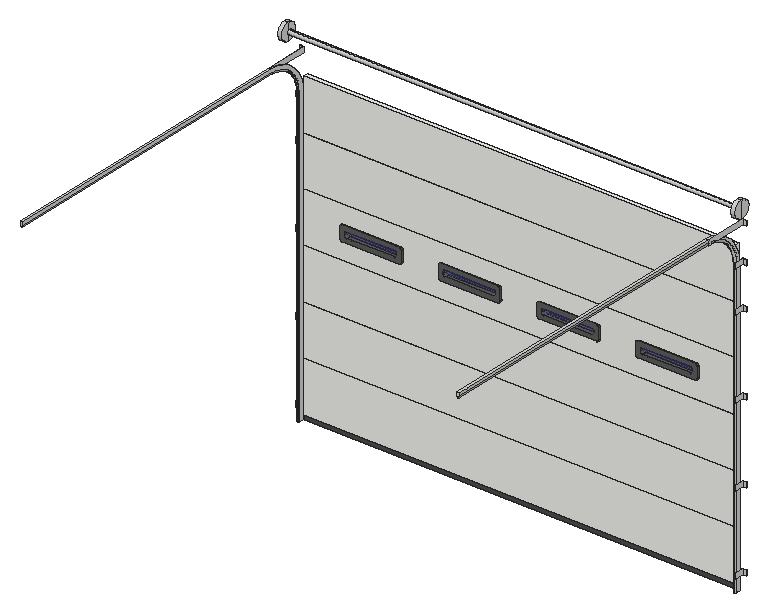
Revit family "Overhead-Sect_HAAS_Res_700", category Doors, host Wall, Revit 2026
Family settings
  Host = Wall
  Classification Number = 23.30.10.17.37.14
  Always vertical = Yes
  Cut with Voids When Loaded = No
  Shared = No
  Room Calculation Point = No
Parameters
  rearspring = no
  Warranty Duration (Years) = 0
  Viewport Frame Finish [instance] = Finish - Trim - HAAS - Black
  Unit Width [instance] = if(Wood Jamb, Opening Width, Opening Width + 0' 2")  # 14' - 0"
  Wood Jamb [instance] = yes
  URL = "http://www.haasdoor.com/about/index.html"
  U Value = 0
  Type Comments = ""
  Track_High Lift_CHECK WITH HAAS FOR VALUE [instance] = 0' - 7"
  Track [instance] = Steel
  Thickness = 0' - 0"  # constant formula
  Test Data = ""
  Steel Jamb [instance] = not(Wood Jamb)  # no
  Standards Conformance = "as Specified"
  Specification = ""
  SpecWizard = ""
  Send Message = ""
  Sales Information = "http://www.haasdoor.com/locator/index.php"
  Rough Width = 0' - 0"  # constant formula
  Rough Height = 0' - 0"  # constant formula
  Roof Incline Default = 0.00°
  Revision = "R1_2015-11"
  Recycled Content [instance] = "as Specified"
  R-Value = 13.45
  Product Properties = ""
  Product Data = "http://www.arcat.com/arcatcos/cos32/arc32915.html"
  Panel Width [instance] = 14' - 0"
  Panel Thickness = 0' - 1 3/4"
  Panel Material_Interior [instance] = Metal - Steel - HAAS - Polar White V-Groove
  Panel Material_Inset Panel [instance] = Metal - Steel - HAAS - Polar White
  Panel Material_Exterior [instance] = Metal - Steel - HAAS - Polar White
  Panel Height [instance] = if(1 = 1, Opening Height, 0' 0")  # 10' - 0"
  Overhead Sectional Style [instance] = Door_Overhead-Sectional-Panel_Haas_No-Inset-Panels : Design B
  Operation = "Overhead Sectional"
  Opening Width [instance] = 14' - 0"
  Opening Height [instance] = 10' - 0"
  Track Type [instance] = Tracks_Standard-Lift : Tracks_Standard-Lift
  Model = ""
  Max Width = 0' - 0"
  Max Height = 0' - 0"
  Manufacturer Website = "http://www.haasdoor.com/about/index.html"
  Manufacturer Phone - Toll Free = ""
  Manufacturer Phone = "419-337-9900"
  Manufacturer Fax = "800-874-4227"
  Manufacturer Address = "320 Sycamore Rd. Wauseon, OH 43567"
  Manufacturer = "Haas Door Co."
  Maintenance Schedule (Months) = 0
  Keynote = "08360"
  Interior Skin = "as Specified"
  Installation-Fabrication = ""
  Installation Phase = ""
  Green Building-LEED = ""
  Viewport Glazing [instance] = Glass
  Function = 1
  Height = 0' - 0"  # constant formula
  Wall Closure = (empty or 0)
  Width = 0' - 0"  # constant formula
  Fire Rating = ""
  Exterior Skin = "as Specified"
  Expected Lifespan (Years) = 0
  End Stile Type = "as Specified"
  Drawn By = "Sumex Design, Inc."
  Description = "Haas Residential Overhead Sectional Door - 700 Series"
  Cost = 0
  Copyright = "©Arcat Inc."  # constant formula
  Construction Type = ""
  Construction Details = ""
  Building Codes = ""
  Bottom Seal Color [instance] = Finish - Weather Seal - HAAS - Black
  Assembly Code = "B2030410"
  AAMA Designation = "as Specified"
  3in Track [instance] = not([2in Track])  # no
  2in Track [instance] = yes
Reference planes (in)
  plane 1 "Center (Front/Back)": y = 0
  plane 2 "Center (Left/Right)": x = 0
  plane 3 "Left": x = -84
  plane 4 "Right": x = 84
  plane 5 "Top": z = 120
  plane 6 "Exterior": y = 3
  plane 7 "Interior": y = -3
  plane 8: z = 2
  plane 9 "Back of Panel": y = -4.75
  plane 10: y = -3.875
  plane 11 "Track": y = -4.625
Lines and regions (in)
  Opening 1
    outline origin (-90, -3, 0) x (1, 0, 0) y (0, 0, 1)
      loop
        line (6, 0) -> (174, 0) -> (174, 120) -> (6, 120) -> (6, 0)
Text (in)
  text "Exterior" at (-74.96733, 27.31104, 0), in view "Ref. Level"
  text "Interior" at (-74.96733, -25.14366, 0), in view "Ref. Level"
  text "Exterior" at (0, 40.15149, 123.01588), in view "Right"
  text "Interior" at (0, -64.39139, 123.01588), in view "Right"
  text "Interior" at (0, -31.01599, 123.00693), in view "Left"
  text "Exterior" at (0, 54.57065, 123.00693), in view "Left"
Dimensions and locks (in)
  equal spacing: plane 3 "Left", plane 2 "Center (Left/Right)", plane 4 "Right"
  "Opening Height": level to plane 5 "Top"
  "Opening Width": plane 3 "Left" to plane 4 "Right"
  plane 8 to level = 0' - 2"
  plane 3 "Left" to plane 4 "Right" = 14' - 0"
  "Panel Thickness": plane 9 "Back of Panel" to plane 7 "Interior"
  equal spacing: plane 9 "Back of Panel", plane 10, plane 7 "Interior"
  locked: plane 11 "Track" to plane 7 "Interior" at 1.625
  aligned and locked: plane 3 "Left" to Opening 1 sketch curve
  aligned and locked: plane 5 "Top" to Opening 1 sketch curve
  aligned and locked: Opening 1 sketch curve to plane 5 "Top"
  aligned and locked: Opening 1 sketch curve to plane 4 "Right"
  aligned and locked: Opening 1 sketch curve to level
  aligned and locked: plane 6 "Exterior" to host wall
  aligned and locked: plane 7 "Interior" to host wall
  aligned and locked: nested 1 to plane 2 "Center (Left/Right)"
  aligned and locked: level to nested 1
  aligned and locked: nested 1 to plane 11 "Track"
  aligned and locked: nested 2 to plane 2 "Center (Left/Right)"
  aligned and locked: plane 10 to nested 2
Nested families (in)
  nested 1: "Tracks_Standard-Lift" at (0, -5.625, 0), Unit Width <- "Unit Width", Opening Height <- "Opening Height", Track <- "Track", Wood Jamb <- "Wood Jamb", 2in Track <- "2in Track", type <- "Track Type", High Lift Height <- "Track_High Lift_CHECK WITH HAAS FOR VALUE", Door Height <- "Panel Height", Rear Mount Spring <- "rearspring", Roof Incline <- "Roof Incline Default", type "Tracks_Standard-Lift"
    with trackradinsetv 0' - 0", trackradinseth 0' - 0", sideroomint 0' - 1 5/8", roofpitchheight 0' - 0", offsettrackradv 1' - 2.73821", offsettrackradh 1' - 2.99772", offset 0' - 0", highliftcalc 0' - 8", breakoutrun 1, breakoutrise 12, breakawaylength 0' - 0", breakaway angle 1.00°, Wood Jamb yes, Unit Width 14' - 0", Unit Depth 0' - 2", Track Radius 1' - 3", Track Offset from Door Edge 0' - 0 1/2", Track Steel, Steel Jamb no, Standard Spring Location yes, Sideroom_Spring 0' - 3", Sideroom_Jambs 0' - 3", Roof Incline 0.00°, Rear Mount Spring no, Opening Width 14' - 0", Opening Height 10' - 0", High Lift Height 0' - 7", Headroom Clearance 1' - 7", Door Height 10' - 0", Breakaway Start 0' - 8", Back Depth 11' - 6", 3in Track no, 2in Track yes, 1 in 12 Breakout yes, 1 5 in 12 Breakout no
  nested 2: "Door_Overhead-Sectional-Panel_Haas_No-Inset-Panels" at (0, -3.875, 0) x (-1, 0, 0) z (0, 0, 1), Viewport Finish <- "Viewport Frame Finish", Panel Material_Interior <- "Panel Material_Interior", Panel Material_Inset Panel <- "Panel Material_Inset Panel", Panel Material_Exterior <- "Panel Material_Exterior", Viewport Glazing <- "Viewport Glazing", Bottom Seal Color <- "Bottom Seal Color", Panel Width <- "Panel Width", Panel Thickness <- "Panel Thickness", Panel Height <- "Panel Height", type <- "Overhead Sectional Style", type "Design B"
    with Viewport Glazing Glass, Viewport Finish Finish - Trim - HAAS - Black, Unit Width 14' - 0", Unit Height 1' - 7.66667", Panel Width 14' - 0", Panel Thickness 0' - 1 3/4", Panel Material_Interior Metal - Steel - HAAS - Polar White V-Groove, Panel Material_Inset Panel Metal - Steel - HAAS - Polar White, Panel Material_Exterior Metal - Steel - HAAS - Polar White, Panel Height 10' - 0", Panel 9 Vis no, Panel 9 Control 0' - 0", Panel 8 Vis no, Panel 8 Control 0' - 0", Panel 7 Vis no, Panel 7 Control 0' - 0", Panel 6 Vis yes, Panel 6 Control 1' - 7.66667", Panel 5 Vis yes, Panel 5 Control 1' - 7.66667", Panel 4 Vis yes, Panel 4 Control 1' - 7.66667", Panel 3 Vis yes, Panel 3 Control 1' - 7.66667", Panel 2 Vis yes, Panel 2 Control 1' - 7.66667", Panel 10 Vis no, Panel 10 Control 0' - 0", Panel 1 Vis yes, Bottom Seal Color Finish - Weather Seal - HAAS - Black
Definition of nested family "Tracks_Standard-Lift"
  Parameters
    trackradinsetv [instance] = Track Radius - (Track Radius * cos(Roof Incline))  # 0' - 0"
    trackradinseth [instance] = Track Radius * sin(Roof Incline)  # 0' - 0"
    sideroomint [instance] = if(Steel Jamb, 0' 3", 0' 1 5/8")  # 0' - 1 5/8"
    roofpitchheight [instance] = (Back Depth) * tan(Roof Incline)  # 0' - 0"
    offsettrackradv [instance] = Track Radius - (Track Radius * sin(breakaway angle))  # 1' - 2.73821"
    offsettrackradh [instance] = Track Radius * cos(breakaway angle)  # 1' - 2.99772"
    offset [instance] = 0' - 0"  # constant formula
    breakoutrun [instance] = if([1 in 12 Breakout], 1, 1.5)  # 1
    breakoutrise [instance] = 12  # constant formula
    breakawaylength [instance] = (Breakaway Start + High Lift Height - Track Radius) / tan(90.00° - breakaway angle)  # 0' - 0.26183"
    breakaway angle [instance] = 1.00°  # constant formula
    Wood Jamb [instance] = yes
    Unit Width [instance] = 8' - 0"
    Unit Depth [instance] = if([2in Track], 0' 2", if([3in Track], 0' 3", 0' 2"))  # 0' - 3"
    URL = ""
    Track Radius [instance] = 1' - 3"
    Track [instance] = none
    Steel Jamb [instance] = not(Wood Jamb)  # no
    Standard Spring Location [instance] = yes
    Specification = ""
    SpecWizard = ""
    Track Offset from Door Edge [instance] = 0' - 0 1/2"
    Sideroom_Spring [instance] = 0' - 3"  # constant formula
    Sideroom_Jambs [instance] = 0' - 3"  # constant formula
    Sales Information = ""
    Roof Incline [instance] = 0.00°
    Revision = ""
    Rear Mount Spring [instance] = yes
    Product Properties = ""
    Product Data = ""
    Opening Width [instance] = if(Wood Jamb, Unit Width, Unit Width - 0' 1")  # 8' - 0"
    Opening Height [instance] = 8' - 0"
    Model = "As Specified"
    Manufacturer = ""
    Keynote = ""
    Installation-Fabrication = ""
    highliftcalc [instance] = if(Headroom Clearance < 5' 4 3/256", Headroom Clearance - 0' 11", if(and(Headroom Clearance > 5' 4", Headroom Clearance < 11' 1 3/256"), Headroom Clearance - 1' 1", if(and(Headroom Clearance > 11' 1", Headroom Clearance < 15' 0 3/256"), Headroom Clearance - 1' 5", 1' 0")))  # 1' - 11"
    High Lift Height [instance] = 1' - 10"
    Headroom Clearance [instance] = High Lift Height + 1' 0"  # 2' - 10"
    Green Building-LEED = ""
    Drawn By = "Sumex Design, Inc. / Robert S. Weygant, CSI, CDT, SCIP"
    Door Height [instance] = 8' - 0"
    Description = ""
    Default Elevation = 0' - 0"  # constant formula
    Copyright = "©Arcat Inc."
    Construction Details = ""
    Breakaway Start [instance] = if([1 in 12 Breakout], 0' 8", if([1 5 in 12 Breakout], 1' 2", 1' 0"))  # 0' - 8"
    Back Depth [instance] = Door Height + 1' 6"  # 9' - 6"
    Assembly Code = ""
    3in Track [instance] = not([2in Track])  # yes
    2in Track [instance] = no
    1 in 12 Breakout [instance] = yes
    1 5 in 12 Breakout [instance] = not([1 in 12 Breakout])  # no
  Reference planes (in)
    plane 1 "Center (Front/Back)": y = 0
    plane 2 "Bottom": z = 0
    plane 3 "Center (Left/Right)": x = 0
    plane 4 "Front": y = -1.5
    plane 5 "Back": y = 1.5
    plane 6 "Left": x = -48
    plane 7 "Right": x = 48
    plane 8 "Top": z = 121
    plane 9: z = 96
    plane 10: x = -48
    plane 11: x = 48
    plane 12: z = 130
    plane 13: y = -110.875
    plane 14: y = -13.49772
    plane 15: z = 106.26179
    plane 16 "Origin": y = 3.125
    plane 17: z = 74
    plane 18: z = 51.33333
    plane 19: z = 28.66667
    plane 20: z = 6
    plane 21: z = 97.13089
    plane 22: x = 51
    plane 23: x = -51
    plane 24 "Drum CL": y = -1.875
    plane 25: z = 106
    plane 26: z = 118
    plane 27: y = -13.49772
    plane 28: z = 121
    plane 29: x = -49.625
    plane 30: x = 49.625
  Forms (in)
    Extrusion 1, solid, material <- "Track", visible <- "Wood Jamb"
      sketch origin (0, 0, 0) x (1, 0, 0) y (0, 1, 0)
        loop
          line (-49.5, -13.49772) -> (-49.5, 3.125) -> (-51, 3.125) -> (-51, 3) -> (-49.625, 3) -> (-49.625, -13.49772) -> (-49.5, -13.49772)
        loop
          line (49.5, -13.49772) -> (49.625, -13.49772) -> (49.625, 3) -> (51, 3) -> (51, 3.125) -> (49.5, 3.125) -> (49.5, -13.49772)
      from 0 to 121
    Extrusion 2, void
      sketch origin (0, 0, 0) x (0, 1, 0) y (0, 0, 1)
        loop
          line (-1.5, 5) -> (-1.5, 7) -> (3.125, 7) -> (3.125, 27.66667) -> (-1.5, 27.66667) -> (-1.5, 29.66667) -> (3.125, 29.66667) -> (3.125, 50.33333) -> (-1.5, 50.33333) -> (-1.5, 52.33333) -> (3.125, 52.33333) -> (3.125, 73) -> (-1.5, 73) -> (-1.5, 75) -> (3.125, 75) -> (3.125, 105.26179) -> (-1.5, 105.26179) -> (-1.5, 107.26179) -> (3.125, 107.26179) -> (3.125, 119) -> (-13.49772, 119) -> (-13.49772, 0) -> (3.125, 0) -> (3.125, 5) -> (-1.5, 5)
      from -51 to 51
    Extrusion 3, solid, material <- "Track", visible <- "Steel Jamb"
      sketch origin (0, 0, 0) x (1, 0, 0) y (0, 1, 0)
        loop
          line (-51, 3.125) -> (-51, -13.49772) -> (-50.875, -13.49772) -> (-50.875, 3) -> (-48.375, 3) -> (-48.375, 3.125) -> (-51, 3.125)
        loop
          line (51, 3.125) -> (48.375, 3.125) -> (48.375, 3) -> (50.875, 3) -> (50.875, -13.49772) -> (51, -13.49772) -> (51, 3.125)
      from 0 to 121
    Revolve 4, solid, material <- "Track"
      sketch origin (0, -1.875, 0) x (0, 0, -1) y (1, 0, 0)
        loop
          line (-130, -53) -> (-126.75, -53) -> (-126.75, 53) -> (-130, 53) -> (-130, 51.5) -> (-127.5, 51.5) -> (-127.5, -51.5) -> (-130, -51.5) -> (-130, -53)
        axis (-126.75, 53) -> (-126.75, -53)
      angle from 0 to 360
    Sweep 5, solid, material <- "Track"
      path origin (0, 0, 0) x (0, 1, 0) y (0, 0, 1)
        loop
          line (1.5, 0) -> (1.5, 106.26179)
          arc (1.5, 106.26179) -> (-2.98408, 116.69876) -> (-13.49772, 121) r 15
          line (-13.49772, 121) -> (-110.875, 121)
      profile origin (0, -62.18636, 121) x (0, 0, -1) y (1, 0, 0)
        loop
          line (2.62111, -48.5) -> (0, -48.5) -> (0, -49.5) -> (2.25, -49.5)
          arc (2.25, -49.5) -> (2.68414, -49.38263) -> (3, -49.0625) r 0.86161
          line (3, -49.0625) -> (3, -48.71875) -> (2.62111, -48.5)
    Sweep 6, solid, material <- "Track"
      path origin (0, 0, 0) x (0, 1, 0) y (0, 0, 1)
        loop
          line (1.5, 0) -> (1.5, 106.26179)
          arc (1.5, 106.26179) -> (-2.98408, 116.69876) -> (-13.49772, 121) r 15
          line (-13.49772, 121) -> (-110.875, 121)
      profile origin (0, -62.18636, 121) x (0, 0, -1) y (1, 0, 0)
        loop
          line (0, 49.5) -> (0, 48.5) -> (2.62111, 48.5) -> (3, 48.71875) -> (3, 49.0625)
          arc (3, 49.0625) -> (2.68414, 49.38263) -> (2.25, 49.5) r 0.86161
          line (2.25, 49.5) -> (0, 49.5)
  Cuts and joins
    Extrusion 2 cuts Extrusion 1
    Extrusion 2 cuts Extrusion 3
  Lines and regions (in)
    reference lines
      curve 1: arc (0, 0.25, 112.00003) -> (0, -5.28189, 118.54991) -> (0, -13.49772, 121) r 15
      curve 2: line (0, -13.49772, 121) -> (0, -110.875, 121)
  Text (in)
    text "OPENING" at (0, 24.81124, 52.10269), in view "Right"
    text "STANDARD LIFT" at (0, 24.81124, 118.55424), in view "Right"
  Dimensions and locks (in)
    equal spacing: plane 6 "Left", plane 3 "Center (Left/Right)", plane 7 "Right"
    "Unit Width": plane 6 "Left" to plane 7 "Right"
    equal spacing: plane 5 "Back", plane 1 "Center (Front/Back)", plane 4 "Front"
    "Unit Depth": plane 5 "Back" to plane 4 "Front"
    equal spacing: plane 10, plane 3 "Center (Left/Right)", plane 11
    "Opening Width": plane 10 to plane 11
    "Headroom Clearance": plane 12 to plane 9
    "Back Depth": plane 13 to plane 16 "Origin"
    "offsettrackradv": plane 8 "Top" to plane 15
    locked: plane 16 "Origin" to plane 5 "Back" at 1.625
    "Sideroom_Jambs": Extrusion 1 sketch curve to plane 10
    "Sideroom_Jambs": plane 11 to Extrusion 1 sketch curve
    locked: plane 20 to level at 6
    equal spacing: plane 17, plane 18, plane 19, plane 20
    Extrusion 2 sketch curve to plane 20 to Extrusion 2 sketch curve = 0' - 1" locked, 0' - 1" locked
    Extrusion 2 sketch curve to plane 19 to Extrusion 2 sketch curve = 0' - 1" locked, 0' - 1" locked
    Extrusion 2 sketch curve to plane 18 to Extrusion 2 sketch curve = 0' - 1" locked, 0' - 1" locked
    Extrusion 2 sketch curve to plane 17 to Extrusion 2 sketch curve = 0' - 1" locked, 0' - 1" locked
    Extrusion 2 sketch curve to plane 15 to Extrusion 2 sketch curve = 0' - 1" locked, 0' - 1" locked
    "Sideroom_Spring": plane 23 to plane 10
    "Sideroom_Spring": plane 11 to plane 22
    locked: Extrusion 3 sketch curve to plane 10 at 0.375
    locked: plane 11 to Extrusion 3 sketch curve at 0.375
    locked: plane 24 "Drum CL" to plane 16 "Origin" at 5
    locked: Revolve 4 sketch curve to plane 10 at 5
    locked: plane 11 to Revolve 4 sketch curve at 5
    locked: Revolve 4 sketch curve to Revolve 4 sketch curve at 1.5  (x2)
    locked: Revolve 4 sketch curve to Revolve 4 sketch curve at 0.75
    locked: Revolve 4 sketch curve to Revolve 4 sketch curve at 3.25  (x2)
    locked: Extrusion 1 sketch curve to Extrusion 1 sketch curve at 0.125
    "Opening Height": plane 9 to level
    "Track Radius": plane 8 "Top" to plane 25
    "High Lift Height": plane 26 to plane 9
    "Unit Depth": plane 8 "Top" to plane 26
    "offsettrackradh": plane 14 to plane 5 "Back"
    "trackradinseth": plane 14 to plane 27
    "trackradinsetv": plane 8 "Top" to plane 28
    "Unit Depth": Sweep 5 sketch curve to Sweep 5 sketch curve
    locked: plane 8 "Top" to Extrusion 2 sketch curve at 2
    "Unit Depth": Sweep 6 sketch curve to Sweep 6 sketch curve
    Extrusion 1 sketch curve to Extrusion 1 sketch curve to plane 10 = 0' - 0 1/8" locked, 0' - 1 1/2" locked
    equal spacing: Sweep 5 sketch curve, Sweep 5 sketch curve, Sweep 5 sketch curve, Sweep 5 sketch curve, plane 10
    equal spacing: plane 11, Sweep 6 sketch curve, Sweep 6 sketch curve, Sweep 6 sketch curve, Sweep 6 sketch curve
    "sideroomint": plane 29 to plane 10
    plane 29 to Sweep 5 sketch curve to Sweep 5 sketch curve to Sweep 5 sketch curve to Sweep 5 sketch curve = 0' - 0 1/8" locked, 0' - 0 7/16" locked, 0' - 0 11/32" locked, 0' - 0 7/32" locked
    "Sideroom_Jambs": Extrusion 3 sketch curve to plane 10
    locked: Extrusion 3 sketch curve to Extrusion 3 sketch curve at 0.125  (x2)
    "Sideroom_Jambs": plane 11 to Extrusion 3 sketch curve
    locked: plane 11 to Extrusion 1 sketch curve at 1.5
    "sideroomint": plane 11 to plane 30
    Sweep 6 sketch curve to Sweep 6 sketch curve to Sweep 6 sketch curve to Sweep 6 sketch curve to plane 30 = 0' - 0 7/32" locked, 0' - 0 11/32" locked, 0' - 0 7/16" locked, 0' - 0 1/8" locked
    locked: Revolve 4 sketch curve to plane 26 at 8.75
    locked: plane 9 to plane 17 at 22
    "Track Radius": radius of curve 1
    "Track Radius": radius of Sweep 6 sketch curve
    "Roof Incline": angle curve 2 to plane 28
    "Roof Incline": angle Sweep 5 sketch curve to plane 28
    "Roof Incline": angle Sweep 6 sketch curve to plane 28
    aligned and locked: plane 14 to Extrusion 1 sketch curve
    aligned and locked: Extrusion 1 sketch curve to plane 14
    aligned and locked: Extrusion 2 sketch curve to plane 14
    aligned and locked: Extrusion 2 sketch curve to plane 16 "Origin"
    aligned and locked: plane 4 "Front" to Extrusion 2 sketch curve  (x4)
    aligned and locked: Extrusion 2 sketch curve to plane 4 "Front"
    aligned and locked: plane 23 to Extrusion 2
    aligned and locked: Extrusion 2 to plane 22
    aligned and locked: Extrusion 3 sketch curve to plane 14
    aligned and locked: plane 14 to Extrusion 3 sketch curve
    aligned and locked: Revolve 4 sketch curve to Revolve 4 sketch curve
    aligned and locked: plane 27 to curve 1
    aligned and locked: plane 25 to curve 1
    aligned and locked: plane 14 to curve 1
    aligned and locked: plane 13 to curve 2
    aligned and locked: Sweep 5 sketch curve to curve 1
    aligned and locked: plane 13 to Sweep 5 sketch curve
    aligned and locked: plane 27 to Sweep 5 sketch curve
    aligned and locked: plane 8 "Top" to Extrusion 3
    aligned and locked: plane 8 "Top" to Extrusion 1
    aligned and locked: plane 13 to Sweep 6 sketch curve
    aligned and locked: plane 15 to Sweep 5 sketch curve
    aligned and locked: plane 27 to Sweep 6 sketch curve
    aligned and locked: plane 28 to Sweep 6 sketch curve
    aligned and locked: plane 15 to Sweep 6 sketch curve
    aligned and locked: plane 5 "Back" to Sweep 6 sketch curve
  Automatic sketch dimensions
    Extrusion 1 sketch curve to plane 16 "Origin" = 0' - 0"  (x2)
    Extrusion 1 sketch curve to plane 16 "Origin" = 0' - 0 1/8"  (x2)
    Extrusion 3 sketch curve to plane 16 "Origin" = 0' - 0"  (x2)
    Extrusion 3 sketch curve to plane 16 "Origin" = 0' - 0 1/8"  (x2)
    Revolve 4 sketch curve to Revolve 4 sketch curve = 0' - 0"
    Revolve 4 sketch curve to Revolve 4 sketch curve = 0' - 3"
    Sweep 5 sketch curve to level = 0' - 0"
    Sweep 5 sketch curve to profile plane = 0' - 0"
    Sweep 5 sketch curve to Sweep 5 sketch curve = 0' - 0.37111"
    Sweep 5 sketch curve to Sweep 5 sketch curve = 0' - 0.13839"
    Sweep 6 sketch curve to profile plane = 0' - 0"
    Sweep 6 sketch curve to Sweep 6 sketch curve = 0' - 0.37111"
    Sweep 6 sketch curve to Sweep 6 sketch curve = 0' - 0.13839"
    curve 1 to plane 1 "Center (Front/Back)" = 0' - 0 1/4"
    Sweep 6 sketch curve to level = 0' - 0"
    Extrusion 2 sketch curve to plane 16 "Origin" = 0' - 0"  (x5)
    Extrusion 2 sketch curve to level = 0' - 0"
Definition of nested family "Door_Overhead-Sectional-Panel_Haas_No-Inset-Panels"
  Parameters
    Width = 10' - 0"
    Viewport Finish [instance] = none
    Unit Width [instance] = Panel Width  # 10' - 0"
    Unit Height [instance] = if(Number Panels > 3, ((Panel Height - 0' 2") / Number Panels), ((Panel Height - 0' 2") / 4))  # 1' - 7.66667"
    Thickness = 0' - 3"
    Section Type_Row 10 = HAAS_Section_Flush : Standard
    Section Type_Row 9 = HAAS_Section_Flush : Standard
    Section Type_Row 8 = HAAS_Section_Flush : Standard
    Section Type_Row 7 = HAAS_Section_Flush : Standard
    Section Type_Row 6 = HAAS_Section_Flush : Standard
    Section Type_Row 5 = HAAS_Section_Flush : Standard
    Section Type_Row 4 = HAAS_Section_Flush : Standard
    Section Type_Row 3 = HAAS_Section_Flush : Standard
    Section Type_Row 2 = HAAS_Section_Flush : Standard
    Section Type_Row 1 = HAAS_Section_Flush : Standard
    Panel Width [instance] = 10' - 0"
    Panel Thickness [instance] = 0' - 3"
    Panel Material_Interior [instance] = none
    Panel Material_Inset Panel [instance] = none
    Panel Material_Exterior [instance] = none
    Panel Height [instance] = 10' - 0"
    Panel 9 Vis [instance] = Number Panels > 8  # no
    Panel 9 Control [instance] = if(Panel 9 Vis, Unit Height, 0' 0")  # 0' - 0"
    Panel 8 Vis [instance] = Number Panels > 7  # no
    Panel 8 Control [instance] = if(Panel 8 Vis, Unit Height, 0' 0")  # 0' - 0"
    Panel 7 Vis [instance] = Number Panels > 6  # no
    Panel 7 Control [instance] = if(Panel 7 Vis, Unit Height, 0' 0")  # 0' - 0"
    Panel 6 Vis [instance] = Number Panels > 5  # yes
    Panel 6 Control [instance] = if(Panel 6 Vis, Unit Height, 0' 0")  # 1' - 7.66667"
    Panel 5 Vis [instance] = Number Panels > 4  # yes
    Panel 5 Control [instance] = if(Panel 5 Vis, Unit Height, 0' 0")  # 1' - 7.66667"
    Panel 4 Vis [instance] = Number Panels > 3  # yes
    Panel 4 Control [instance] = if(Panel 4 Vis, Unit Height, 0' 0")  # 1' - 7.66667"
    Panel 3 Vis [instance] = Number Panels > 2  # yes
    Panel 3 Control [instance] = if(Panel 3 Vis, Unit Height, 0' 0")  # 1' - 7.66667"
    Panel 2 Vis [instance] = Number Panels > 1  # yes
    Panel 2 Control [instance] = if(Panel 2 Vis, Unit Height, 0' 0")  # 1' - 7.66667"
    Panel 10 Vis [instance] = Number Panels > 9  # no
    Panel 10 Control [instance] = if(Panel 10 Vis, Unit Height, 0' 0")  # 0' - 0"
    Panel 1 Vis [instance] = Number Panels > 0  # yes
    Number Panels = 6
    Viewport Glazing [instance] = none
    Height = 8' - 0"
    End Stile Width_CONTACT HAAS FOR VALUE = 0' - 0"
    Default Elevation = 4' - 0"
    Bottom Seal Color [instance] = none
  Reference planes (in)
    plane 1 "Center (Front/Back)": y = 0
    plane 2: z = 0
    plane 3 "Center (Left/Right)": x = 0
    plane 4 "Left": x = -60
    plane 5 "Right": x = 60
    plane 6 "Back": y = 1.5
    plane 7 "Front": y = -1.5
    plane 8 "1T": z = 21.66667
    plane 9 "1B": z = 2
    plane 10: z = 41.33333
    plane 11 "2B": z = 21.66667
    plane 12: z = 61
    plane 13 "3B": z = 41.33333
    plane 14: z = 80.66667
    plane 15 "4B": z = 61
    plane 16: z = 100.33333
    plane 17 "5B": z = 80.66667
    plane 18: z = 120
    plane 19 "6B": z = 100.33333
    plane 20: z = 120
    plane 21 "7B": z = 100.33333
    plane 22: z = 120
    plane 23 "8B": z = 100.33333
    plane 24: z = 120
    plane 25 "9B": z = 100.33333
    plane 26: z = 120
    plane 27 "10B": z = 100.33333
  Forms (in)
    Extrusion 1, solid, material <- "Bottom Seal Color"
      sketch origin (0, 0, 0) x (0, 1, 0) y (0, 0, 1)
        loop
          line (-1.375, 2) -> (-1.375, 0) -> (1.375, 0) -> (1.375, 2) -> (-1.375, 2)
      from -60 to 60
  Dimensions and locks (in)
    equal spacing: plane 4 "Left", plane 3 "Center (Left/Right)", plane 5 "Right"
    "Panel Width": plane 4 "Left" to plane 5 "Right"
    equal spacing: plane 6 "Back", plane 1 "Center (Front/Back)", plane 7 "Front"
    "Panel Thickness": plane 6 "Back" to plane 7 "Front"
    "Unit Height": plane 8 "1T" to plane 9 "1B"
    "Unit Height": plane 10 to plane 11 "2B"
    "Unit Height": plane 12 to plane 13 "3B"
    "Unit Height": plane 14 to plane 15 "4B"
    "Unit Height": plane 16 to plane 17 "5B"
    "Unit Height": plane 18 to plane 19 "6B"
    "Unit Height": plane 20 to plane 21 "7B"
    "Unit Height": plane 22 to plane 23 "8B"
    "Unit Height": plane 24 to plane 25 "9B"
    "Unit Height": plane 26 to plane 27 "10B"
    locked: plane 9 "1B" to level at 2
    "Panel 2 Control": plane 11 "2B" to plane 9 "1B"
    "Panel 3 Control": plane 13 "3B" to plane 11 "2B"
    "Panel 4 Control": plane 15 "4B" to plane 13 "3B"
    "Panel 5 Control": plane 17 "5B" to plane 15 "4B"
    "Panel 6 Control": plane 19 "6B" to plane 17 "5B"
    "Panel 7 Control": plane 21 "7B" to plane 19 "6B"
    "Panel 8 Control": plane 23 "8B" to plane 21 "7B"
    "Panel 9 Control": plane 25 "9B" to plane 23 "8B"
    "Panel 10 Control": plane 27 "10B" to plane 25 "9B"
    locked: Extrusion 1 sketch curve to plane 6 "Back" at 0.125
    locked: plane 7 "Front" to Extrusion 1 sketch curve at 0.125
    aligned and locked: plane 2 to level
    aligned and locked: plane 3 "Center (Left/Right)" to nested 1
    aligned and locked: plane 3 "Center (Left/Right)" to nested 2
    aligned and locked: plane 3 "Center (Left/Right)" to nested 3
    aligned and locked: plane 3 "Center (Left/Right)" to nested 4
    aligned and locked: plane 3 "Center (Left/Right)" to nested 5
    aligned and locked: plane 3 "Center (Left/Right)" to nested 6
    aligned and locked: plane 3 "Center (Left/Right)" to nested 7
    aligned and locked: plane 3 "Center (Left/Right)" to nested 8
    aligned and locked: plane 3 "Center (Left/Right)" to nested 9
    aligned and locked: plane 3 "Center (Left/Right)" to nested 10
    aligned and locked: plane 1 "Center (Front/Back)" to nested 1
    aligned and locked: plane 1 "Center (Front/Back)" to nested 2
    aligned and locked: plane 1 "Center (Front/Back)" to nested 3
    aligned and locked: plane 1 "Center (Front/Back)" to nested 4
    aligned and locked: nested 5 to plane 1 "Center (Front/Back)"
    aligned and locked: nested 6 to plane 1 "Center (Front/Back)"
    aligned and locked: nested 7 to plane 1 "Center (Front/Back)"
    aligned and locked: nested 8 to plane 1 "Center (Front/Back)"
    aligned and locked: nested 9 to plane 1 "Center (Front/Back)"
    aligned and locked: nested 10 to plane 1 "Center (Front/Back)"
    aligned and locked: plane 5 "Right" to Extrusion 1
    aligned and locked: Extrusion 1 to plane 4 "Left"
  Automatic sketch dimensions
    Extrusion 1 sketch curve to level = 0' - 0"
    Extrusion 1 sketch curve to plane 9 "1B" = 0' - 0"
  Nested families (in)
    nested 1: "HAAS_Section_Flush" at (0, 0, 2), type <- "Section Type_Row 1", visible <- "Panel 1 Vis", Unit Width <- "Unit Width", Unit Height <- "Unit Height", Viewport Glazing <- "Viewport Glazing", Viewport Finish <- "Viewport Finish", Panel Material_Interior <- "Panel Material_Interior", Panel Material_Inset Panel <- "Panel Material_Inset Panel", Panel Material_Exterior <- "Panel Material_Exterior", Unit Depth <- "Panel Thickness", type "Standard"
      with Viewport Glazing none, Viewport Finish none, Unit Width 10' - 0", Unit Height 1' - 7.66667", Unit Depth 0' - 3", Panel Material_Interior none, Panel Material_Inset Panel none, Panel Material_Exterior none
    nested 2: "HAAS_Section_Flush" at (0, 0, 21.66667), type <- "Section Type_Row 2", visible <- "Panel 2 Vis", Unit Width <- "Unit Width", Unit Height <- "Unit Height", Viewport Glazing <- "Viewport Glazing", Viewport Finish <- "Viewport Finish", Panel Material_Interior <- "Panel Material_Interior", Panel Material_Inset Panel <- "Panel Material_Inset Panel", Panel Material_Exterior <- "Panel Material_Exterior", Unit Depth <- "Panel Thickness", type "Standard"
      with Viewport Glazing none, Viewport Finish none, Unit Width 10' - 0", Unit Height 1' - 7.66667", Unit Depth 0' - 3", Panel Material_Interior none, Panel Material_Inset Panel none, Panel Material_Exterior none
    nested 3: "HAAS_Section_Flush" at (0, 0, 41.33333), type <- "Section Type_Row 3", visible <- "Panel 3 Vis", Unit Width <- "Unit Width", Unit Height <- "Unit Height", Viewport Glazing <- "Viewport Glazing", Viewport Finish <- "Viewport Finish", Panel Material_Interior <- "Panel Material_Interior", Panel Material_Inset Panel <- "Panel Material_Inset Panel", Panel Material_Exterior <- "Panel Material_Exterior", Unit Depth <- "Panel Thickness", type "Standard"
      with Viewport Glazing none, Viewport Finish none, Unit Width 10' - 0", Unit Height 1' - 7.66667", Unit Depth 0' - 3", Panel Material_Interior none, Panel Material_Inset Panel none, Panel Material_Exterior none
    nested 4: "HAAS_Section_Flush" at (0, 0, 61), visible <- "Panel 4 Vis", Unit Width <- "Unit Width", Unit Height <- "Unit Height", Viewport Glazing <- "Viewport Glazing", Viewport Finish <- "Viewport Finish", Panel Material_Interior <- "Panel Material_Interior", Panel Material_Inset Panel <- "Panel Material_Inset Panel", Panel Material_Exterior <- "Panel Material_Exterior", type <- "Section Type_Row 4", Unit Depth <- "Panel Thickness", type "Standard"
      with Viewport Glazing none, Viewport Finish none, Unit Width 10' - 0", Unit Height 1' - 7.66667", Unit Depth 0' - 3", Panel Material_Interior none, Panel Material_Inset Panel none, Panel Material_Exterior none
    nested 5: "HAAS_Section_Flush" at (0, 0, 80.66667), type <- "Section Type_Row 5", visible <- "Panel 5 Vis", Unit Width <- "Unit Width", Unit Height <- "Unit Height", Viewport Glazing <- "Viewport Glazing", Viewport Finish <- "Viewport Finish", Panel Material_Interior <- "Panel Material_Interior", Panel Material_Inset Panel <- "Panel Material_Inset Panel", Panel Material_Exterior <- "Panel Material_Exterior", Unit Depth <- "Panel Thickness", type "Standard"
      with Viewport Glazing none, Viewport Finish none, Unit Width 10' - 0", Unit Height 1' - 7.66667", Unit Depth 0' - 3", Panel Material_Interior none, Panel Material_Inset Panel none, Panel Material_Exterior none
    nested 6: "HAAS_Section_Flush" at (0, 0, 100.33333), type <- "Section Type_Row 6", visible <- "Panel 6 Vis", Unit Width <- "Unit Width", Unit Height <- "Unit Height", Viewport Glazing <- "Viewport Glazing", Viewport Finish <- "Viewport Finish", Panel Material_Interior <- "Panel Material_Interior", Panel Material_Inset Panel <- "Panel Material_Inset Panel", Panel Material_Exterior <- "Panel Material_Exterior", Unit Depth <- "Panel Thickness", type "Standard"
      with Viewport Glazing none, Viewport Finish none, Unit Width 10' - 0", Unit Height 1' - 7.66667", Unit Depth 0' - 3", Panel Material_Interior none, Panel Material_Inset Panel none, Panel Material_Exterior none
    nested 7: "HAAS_Section_Flush" at (0, 0, 100.33333), type <- "Section Type_Row 7", visible <- "Panel 7 Vis", Unit Width <- "Unit Width", Unit Height <- "Unit Height", Viewport Glazing <- "Viewport Glazing", Viewport Finish <- "Viewport Finish", Panel Material_Interior <- "Panel Material_Interior", Panel Material_Inset Panel <- "Panel Material_Inset Panel", Panel Material_Exterior <- "Panel Material_Exterior", Unit Depth <- "Panel Thickness", type "Standard"
      with Viewport Glazing none, Viewport Finish none, Unit Width 10' - 0", Unit Height 1' - 7.66667", Unit Depth 0' - 3", Panel Material_Interior none, Panel Material_Inset Panel none, Panel Material_Exterior none
    nested 8: "HAAS_Section_Flush" at (0, 0, 100.33333), type <- "Section Type_Row 8", visible <- "Panel 8 Vis", Unit Width <- "Unit Width", Unit Height <- "Unit Height", Viewport Glazing <- "Viewport Glazing", Viewport Finish <- "Viewport Finish", Panel Material_Interior <- "Panel Material_Interior", Panel Material_Inset Panel <- "Panel Material_Inset Panel", Panel Material_Exterior <- "Panel Material_Exterior", Unit Depth <- "Panel Thickness", type "Standard"
      with Viewport Glazing none, Viewport Finish none, Unit Width 10' - 0", Unit Height 1' - 7.66667", Unit Depth 0' - 3", Panel Material_Interior none, Panel Material_Inset Panel none, Panel Material_Exterior none
    nested 9: "HAAS_Section_Flush" at (0, 0, 100.33333), type <- "Section Type_Row 9", visible <- "Panel 9 Vis", Unit Width <- "Unit Width", Unit Height <- "Unit Height", Viewport Glazing <- "Viewport Glazing", Viewport Finish <- "Viewport Finish", Panel Material_Interior <- "Panel Material_Interior", Panel Material_Inset Panel <- "Panel Material_Inset Panel", Panel Material_Exterior <- "Panel Material_Exterior", Unit Depth <- "Panel Thickness", type "Standard"
      with Viewport Glazing none, Viewport Finish none, Unit Width 10' - 0", Unit Height 1' - 7.66667", Unit Depth 0' - 3", Panel Material_Interior none, Panel Material_Inset Panel none, Panel Material_Exterior none
    nested 10: "HAAS_Section_Flush" at (0, 0, 100.33333), type <- "Section Type_Row 10", visible <- "Panel 10 Vis", Unit Width <- "Unit Width", Unit Height <- "Unit Height", Viewport Glazing <- "Viewport Glazing", Viewport Finish <- "Viewport Finish", Panel Material_Interior <- "Panel Material_Interior", Panel Material_Inset Panel <- "Panel Material_Inset Panel", Panel Material_Exterior <- "Panel Material_Exterior", Unit Depth <- "Panel Thickness", type "Standard"
      with Viewport Glazing none, Viewport Finish none, Unit Width 10' - 0", Unit Height 1' - 7.66667", Unit Depth 0' - 3", Panel Material_Interior none, Panel Material_Inset Panel none, Panel Material_Exterior none
  Definition of nested family "HAAS_Section_Flush"
    Parameters
      Viewport Glazing [instance] = none
      Viewport Finish [instance] = none
      Unit Width [instance] = 10' - 0"
      Unit Height [instance] = 1' - 3.66667"
      Unit Depth [instance] = 0' - 3"
      Panel Material_Interior [instance] = none
      Panel Material_Inset Panel [instance] = none
      Panel Material_Exterior [instance] = none
      Default Elevation = 4' - 0"
    Reference planes (in)
      plane 1 "Center (Front/Back)": y = 0
      plane 2: z = 0
      plane 3 "Center (Left/Right)": x = 0
      plane 4 "Left": x = -60
      plane 5 "Right": x = 60
      plane 6 "Center (Elevation)": z = 7.83333
      plane 7: z = 15.66667
      plane 8 "Back": y = 1.5
      plane 9 "Front": y = -1.5
    Forms (in)
      Extrusion 1, solid, material <- "Panel Material_Exterior"
        sketch origin (0, 0, 0) x (1, 0, 0) y (0, 0, 1)
          loop
            line (-60, 15.66667) -> (-60, 0) -> (60, 0) -> (60, 15.66667) -> (-60, 15.66667)
        from -1.5 to 1.5
    Dimensions and locks (in)
      equal spacing: plane 4 "Left", plane 3 "Center (Left/Right)", plane 5 "Right"
      "Unit Width": plane 4 "Left" to plane 5 "Right"
      equal spacing: plane 7, plane 6 "Center (Elevation)", level
      "Unit Height": plane 7 to level
      equal spacing: plane 8 "Back", plane 1 "Center (Front/Back)", plane 9 "Front"
      "Unit Depth": plane 8 "Back" to plane 9 "Front"
      aligned and locked: plane 2 to level
      aligned and locked: plane 7 to Extrusion 1
      aligned and locked: plane 5 "Right" to Extrusion 1
      aligned and locked: Extrusion 1 to level
      aligned and locked: Extrusion 1 to plane 4 "Left"
      aligned and locked: plane 8 "Back" to Extrusion 1
      aligned and locked: Extrusion 1 to plane 9 "Front"
    Automatic sketch dimensions
      level to Extrusion 1 sketch curve = 0' - 0"
      plane 4 "Left" to Extrusion 1 sketch curve = 0' - 0"
      Extrusion 1 sketch curve to plane 5 "Right" = 0' - 0"
      Extrusion 1 sketch curve to plane 7 = 0' - 0"
